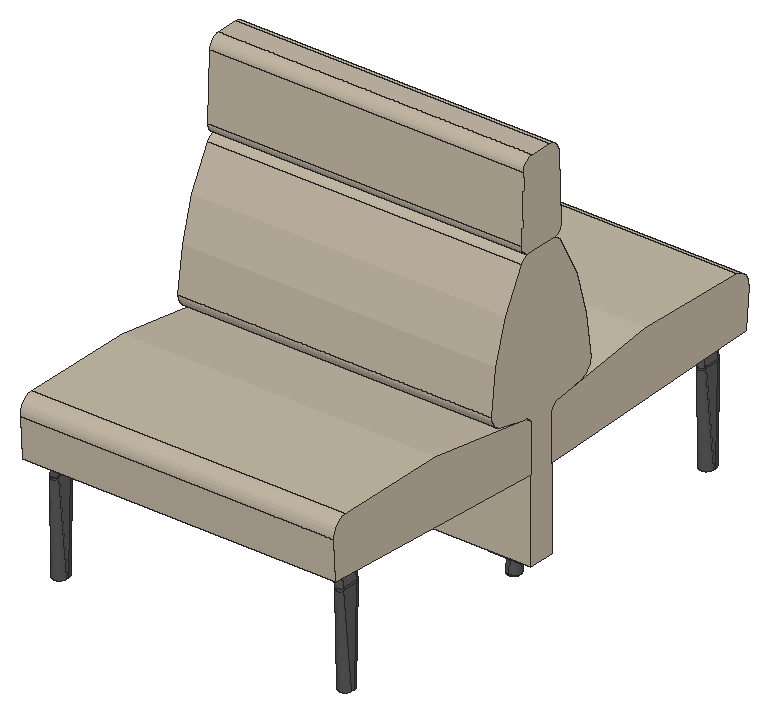
Revit family "FU_Modular_Sandler_Ambit 1047", category Furniture, Revit 2020
Family settings
  OmniClass Number = 23.40.20.00
  OmniClass Title = General Furniture and Specialties
  Work Plane-Based = No
  Always vertical = Yes
  Cut with Voids When Loaded = No
  Shared = No
  Room Calculation Point = No
Parameters (values of type "Ambit 1047")
  Width = 800 mm
  URL = "https://www.sandlerseating.com/product/ambit-1047/"
  Seat [instance] = Fabric - Mainline Flax - Upminster MLF20
  Panel Height = 990 mm
  Panel [instance] = Fabric - Mainline Flax - Upminster MLF20
  Model = "Ambit 1047"
  Manufacturer = "Sandler"
  Back Height = 770 mm
  Frame [instance] = Metal - Paint -AL VR - Matt Jet Black
  Description = "Modular seating system. Upholstered seat and back, with feet in cast aluminium."
  Depth = 1320 mm
  Default Elevation = 0 mm
  Back [instance] = Fabric - Mainline Flax - Upminster MLF20
Reference planes
  plane 1 "Center (Front/Back)": y = 0
  plane 2: z = 0
  plane 3 "Center (Left/Right)": x = 0
  plane 4 "Right": x = -400
  plane 5 "Left": x = 400
  plane 6 "Back": y = 660
  plane 7 "Front": y = -660
  plane 8 "Height": z = 770
  plane 9 "Seat height": z = 430
  plane 10 "Panel Height": z = 990
Dimensions and locks
  equal spacing: plane 4 "Right", plane 3 "Center (Left/Right)", plane 5 "Left"
  "Width": plane 4 "Right" to plane 5 "Left"
  equal spacing: plane 6 "Back", plane 1 "Center (Front/Back)", plane 7 "Front"
  "Depth": plane 6 "Back" to plane 7 "Front"
  "Back Height": plane 8 "Height" to level
  plane 9 "Seat height" to level = 430 mm
  "Panel Height": plane 10 "Panel Height" to level
  aligned and locked: level to plane 2
Nested families
  nested 1: "Ambit Seat" at (0, -310, 0), Frame <- "Frame", Seat <- "Seat", type "Ambit Seat"
    with Seat Fabric - Mainline Flax - Upminster MLF20, Frame Metal - Paint -AL VR - Matt Jet Black
  nested 2: "Ambit DoubleBack" at (0, 0, 0), Back <- "Back", Frame <- "Frame", type "Ambit DoubleBack"
    with Frame Metal - Paint -AL VR - Matt Jet Black, Back Fabric - Mainline Flax - Upminster MLF20
  nested 3: "Ambit Seat" at (0, 310, 0), Frame <- "Frame", Seat <- "Seat", type "Ambit Seat"
    with Seat Fabric - Mainline Flax - Upminster MLF20, Frame Metal - Paint -AL VR - Matt Jet Black
  nested 4: "Ambit Double-Panel" at (0, 0, 0), Panel <- "Panel", type "Ambit Double-Panel"
    with Panel Fabric - Mainline Flax - Upminster MLF20
Definition of nested family "Ambit Seat"
  Parameters (values of type "Ambit Seat")
    Width = 800 mm
    URL = ""
    Seat [instance] = none
    Model = ""
    Manufacturer = ""
    Height = 770 mm
    Frame [instance] = none
    Description = "Modular seating system."
    Depth = 700 mm
    Default Elevation = 0 mm
  Reference planes
    plane 1 "Center (Front/Back)": y = 0
    plane 2: z = 0
    plane 3 "Center (Left/Right)": x = 0
    plane 4 "Right": x = -400
    plane 5 "Left": x = 400
    plane 6 "Back": y = 350
    plane 7 "Front": y = -350
    plane 8 "Height": z = 770
    plane 9 "Seat height": z = 430
    plane 10 "FFT C RIGHT": z = 285.404
    plane 11 "FFV  C RIGHT": y = -265.648
  Forms (mm)
    SweptBlend 1, solid, material <- "Frame"
      path origin (0, -265.648, 0) x (0, 0, -1) y (1, 0, 0)
        loop
          line (0, 364.075) -> (-239.72, 364.075)
      profile "Pro_Ambit_FFoot : Pro_Ambit_FFoot" origin (364.075, -265.648, 0) x (-1, 0, 0) y (0, -1, 0)
        loop
          arc (17.452, 3.305) -> (0, 20.142) -> (-17.452, 3.305) r 17.463
          line (-17.452, 3.305) -> (-17.452, -3.305)
          arc (-17.452, -3.305) -> (0, -20.142) -> (17.452, -3.305) r 17.463
          line (17.452, -3.305) -> (17.452, 3.305)
      end profile "Pro_Ambit_FF : Pro_Ambit_FF" origin (364.075, -265.648, 239.72) x (-1, 0, 0) y (0, -1, 0)
        loop
          arc (-10, -20.066) -> (0, -30.066) -> (10, -20.066) r 10
          line (10, -20.066) -> (10, 20.066)
          arc (10, 20.066) -> (0, 30.066) -> (-10, 20.066) r 10
          line (-10, 20.066) -> (-10, -20.066)
    Sweep 2, solid, material <- "Frame"
      path origin (0, -265.648, 0) x (0, 0, -1) y (1, 0, 0)
        loop
          line (-234.72, -364.14) -> (-239.72, -364.14)
          arc (-239.72, -364.14) -> (-272.419, -345.952) -> (-285.404, -310.86) r 53.912
          line (-285.404, -310.86) -> (-285.404, 310.86)
          arc (-285.404, 310.86) -> (-272.419, 345.952) -> (-239.72, 364.14) r 53.912
          line (-239.72, 364.14) -> (-234.72, 364.14)
      profile "Pro_Ambit_FF : Pro_Ambit_FF" origin (0, -265.648, 285.404) x (0, 0, 1) y (0, -1, 0)
        loop
          arc (-10, -20.066) -> (0, -30.066) -> (10, -20.066) r 10
          line (10, -20.066) -> (10, 20.066)
          arc (10, 20.066) -> (0, 30.066) -> (-10, 20.066) r 10
          line (-10, 20.066) -> (-10, -20.066)
    SweptBlend 3, solid, material <- "Frame"
      path origin (0, -265.648, 0) x (0, 0, -1) y (-1, 0, 0)
        loop
          line (0, 364.075) -> (-239.72, 364.075)
      profile "Pro_Ambit_FFoot : Pro_Ambit_FFoot" origin (-364.075, -265.648, 0) x (-1, 0, 0) y (0, -1, 0)
        loop
          line (-17.452, 3.305) -> (-17.452, -3.305)
          arc (-17.452, -3.305) -> (0, -20.142) -> (17.452, -3.305) r 17.463
          line (17.452, -3.305) -> (17.452, 3.305)
          arc (17.452, 3.305) -> (0, 20.142) -> (-17.452, 3.305) r 17.463
      end profile "Pro_Ambit_FF : Pro_Ambit_FF" origin (-364.075, -265.648, 239.72) x (-1, 0, 0) y (0, -1, 0)
        loop
          line (-10, 20.066) -> (-10, -20.066)
          arc (-10, -20.066) -> (0, -30.066) -> (10, -20.066) r 10
          line (10, -20.066) -> (10, 20.066)
          arc (10, 20.066) -> (0, 30.066) -> (-10, 20.066) r 10
    Extrusion 4, solid, material <- "Seat"
      sketch origin (-400, 0, 0) x (0, -1, 0) y (0, 0, 1)
        loop
          line (343.115, 289.761) -> (350.038, 388.028)
          arc (350.038, 388.028) -> (340.698, 416.645) -> (314.05, 430.647) r 40
          arc (314.05, 430.647) -> (24.831, 435.731) -> (-261.468, 394.425) r 1800.168
          arc (-261.468, 394.425) -> (-272.664, 387.398) -> (-277.031, 374.923) r 20
          line (-277.031, 374.923) -> (-277.031, 260.098) -> (343.115, 289.761)
      from -800 to 0
  Dimensions and locks
    equal spacing: plane 4 "Right", plane 3 "Center (Left/Right)", plane 5 "Left"
    "Width": plane 4 "Right" to plane 5 "Left"
    equal spacing: plane 6 "Back", plane 1 "Center (Front/Back)", plane 7 "Front"
    "Depth": plane 6 "Back" to plane 7 "Front"
    "Height": plane 8 "Height" to level
    plane 9 "Seat height" to level = 430 mm
    aligned and locked: level to plane 2
  Automatic sketch dimensions
    SweptBlend 1 sketch curve to level = 0 mm
    SweptBlend 1 sketch curve to plane 10 "FFT C RIGHT" = 45.683 mm
    Sweep 2 sketch curve to plane 10 "FFT C RIGHT" = 0 mm
    Sweep 2 sketch curve to plane 10 "FFT C RIGHT" = 45.683 mm  (x2)
    Sweep 2 sketch curve to plane 10 "FFT C RIGHT" = 53.912 mm  (x2)
    Sweep 2 sketch curve to plane 4 "Right" = 89.14 mm
    Sweep 2 sketch curve to Sweep 2 sketch curve = 5 mm  (x2)
    SweptBlend 3 sketch curve to level = 0 mm
    plane 4 "Right" to SweptBlend 3 sketch curve = 35.925 mm
    plane 10 "FFT C RIGHT" to SweptBlend 3 sketch curve = 45.683 mm
    Extrusion 4 sketch curve to Extrusion 4 sketch curve = 20 mm
    Extrusion 4 sketch curve to plane 11 "FFV  C RIGHT" = 127.741 mm
    plane 7 "Front" to Extrusion 4 sketch curve = 39.864 mm
    plane 7 "Front" to Extrusion 4 sketch curve = 6.885 mm
    Extrusion 4 sketch curve to plane 7 "Front" = 0.038 mm
    Extrusion 4 sketch curve to level = 1360.883 mm
    Extrusion 4 sketch curve to plane 10 "FFT C RIGHT" = 25.306 mm
    plane 10 "FFT C RIGHT" to Extrusion 4 sketch curve = 4.357 mm
    Extrusion 4 sketch curve to plane 9 "Seat height" = 55.077 mm
    Extrusion 4 sketch curve to plane 9 "Seat height" = 41.972 mm
    Extrusion 4 sketch curve to plane 9 "Seat height" = 39.161 mm
    Extrusion 4 sketch curve to Extrusion 4 sketch curve = 0 mm
    plane 5 "Left" to SweptBlend 1 sketch curve = 35.925 mm
    plane 5 "Left" to Sweep 2 sketch curve = 89.14 mm
    Extrusion 4 sketch curve to plane 6 "Back" = 92.969 mm
Definition of nested family "Ambit DoubleBack"
  Parameters (values of type "Ambit DoubleBack")
    Width = 800 mm
    Height = 770 mm
    Frame [instance] = none
    Depth = 320 mm
    Default Elevation = 0 mm
    Back [instance] = none
  Reference planes
    plane 1 "Center (Front/Back)": y = 0
    plane 2: z = 0
    plane 3 "Center (Left/Right)": x = 0
    plane 4 "Right": x = -400
    plane 5 "Left": x = 400
    plane 6 "Back": y = 160
    plane 7 "Front": y = -160
    plane 8 "Height": z = 770
    plane 9 "Seat height": z = 430
  Forms (mm)
    Revolve 1, solid, material <- "Frame"
      sketch origin (330.534, -318.685, 0) x (0, 1, 0) y (0, 0, 1)
        loop
          line (304.423, 40.637) -> (301.57, 2.1)
          arc (301.57, 2.1) -> (301.901, 0.817) -> (302.944, 0) r 2.065
          line (302.944, 0) -> (318.961, 0) -> (318.961, 48.022) -> (299.441, 48.022) -> (299.441, 46.076)
          arc (299.441, 46.076) -> (303.107, 44.432) -> (304.423, 40.637) r 5.065
        axis (318.961, 48.022) -> (318.961, 0)
      angle from 0 to 360
    Extrusion 2, solid, material <- "Frame"
      sketch origin (-0.482, -318.685, 51.603) x (0, -1, 0) y (1, 0, 0)
        loop
          arc (-347.852, 290.046) -> (-347.258, 288.613) -> (-345.824, 288.019) r 2.027
          line (-345.824, 288.019) -> (-291.875, 288.019)
          arc (-291.875, 288.019) -> (-290.444, 288.611) -> (-289.852, 290.042) r 2.023
          line (-289.852, 290.042) -> (-289.852, 372.037)
          arc (-289.852, 372.037) -> (-290.431, 373.436) -> (-291.83, 374.016) r 1.978
          line (-291.83, 374.016) -> (-345.837, 374.016)
          arc (-345.837, 374.016) -> (-347.262, 373.426) -> (-347.852, 372.001) r 2.015
          line (-347.852, 372.001) -> (-347.852, 290.046)
      from -5.528 to 0
    Revolve 3, solid, material <- "Frame"
      sketch origin (-330.534, -318.685, 0) x (0, 1, 0) y (0, 0, -1)
        loop
          arc (304.423, -40.637) -> (303.107, -44.432) -> (299.441, -46.076) r 5.065
          line (299.441, -46.076) -> (299.441, -48.022) -> (318.961, -48.022) -> (318.961, 0) -> (302.944, 0)
          arc (302.944, 0) -> (301.901, -0.817) -> (301.57, -2.1) r 2.065
          line (301.57, -2.1) -> (304.423, -40.637)
        axis (318.961, -48.022) -> (318.961, 0)
      angle from 0 to 360
    Extrusion 4, solid, material <- "Frame"
      sketch origin (0.482, -318.685, 51.603) x (0, -1, 0) y (1, 0, 0)
        loop
          line (-347.852, -290.046) -> (-347.852, -372.001)
          arc (-347.852, -372.001) -> (-347.262, -373.426) -> (-345.837, -374.016) r 2.015
          line (-345.837, -374.016) -> (-291.83, -374.016)
          arc (-291.83, -374.016) -> (-290.431, -373.436) -> (-289.852, -372.037) r 1.978
          line (-289.852, -372.037) -> (-289.852, -290.042)
          arc (-289.852, -290.042) -> (-290.444, -288.611) -> (-291.875, -288.019) r 2.023
          line (-291.875, -288.019) -> (-345.824, -288.019)
          arc (-345.824, -288.019) -> (-347.258, -288.613) -> (-347.852, -290.046) r 2.027
      from -5.528 to 0
    Extrusion 5, solid, material <- "Back"
      sketch origin (0, 0, 0) x (0, 1, 0) y (0, 0, 1)
        loop
          line (-33, 51.603) -> (33, 51.603) -> (33, 376.265)
          arc (33, 376.265) -> (37.75, 387.916) -> (48.518, 394.425) r 20
          arc (48.518, 394.425) -> (88.097, 402.963) -> (127.858, 410.609) r 1800.168
          arc (127.858, 410.609) -> (148.84, 423.03) -> (156.619, 446.139) r 35
          arc (156.619, 446.139) -> (130.105, 606.219) -> (62.425, 753.69) r 611.524
          arc (62.425, 753.69) -> (49.728, 765.652) -> (32.833, 770) r 35
          line (32.833, 770) -> (-32.833, 770)
          arc (-32.833, 770) -> (-49.728, 765.652) -> (-62.425, 753.69) r 35
          arc (-62.425, 753.69) -> (-130.105, 606.219) -> (-156.619, 446.139) r 611.524
          arc (-156.619, 446.139) -> (-148.84, 423.03) -> (-127.858, 410.609) r 35
          arc (-127.858, 410.609) -> (-88.097, 402.963) -> (-48.518, 394.425) r 1800.168
          arc (-48.518, 394.425) -> (-37.75, 387.916) -> (-33, 376.265) r 20
          line (-33, 376.265) -> (-33, 51.603)
      from -400 to 400
  Dimensions and locks
    equal spacing: plane 4 "Right", plane 3 "Center (Left/Right)", plane 5 "Left"
    "Width": plane 4 "Right" to plane 5 "Left"
    equal spacing: plane 6 "Back", plane 1 "Center (Front/Back)", plane 7 "Front"
    "Depth": plane 6 "Back" to plane 7 "Front"
    "Height": plane 8 "Height" to level
    plane 9 "Seat height" to level = 430 mm
    aligned and locked: level to plane 2
  Automatic sketch dimensions
    Revolve 1 sketch curve to level = 0 mm
    level to Revolve 1 sketch curve = 41.011 mm
    Revolve 1 sketch curve to plane 6 "Back" = 179.313 mm
    Revolve 1 sketch curve to Revolve 1 sketch curve = 0.069 mm
    level to Revolve 1 sketch curve = 2.1 mm
    Revolve 1 sketch curve to Revolve 1 sketch curve = 2.198 mm
    Revolve 1 sketch curve to Revolve 1 sketch curve = 1.373 mm
    level to Revolve 1 sketch curve = 1.947 mm
    level to Revolve 1 sketch curve = 40.637 mm
    Revolve 1 sketch curve to Revolve 1 sketch curve = 5.051 mm
    Revolve 1 sketch curve to Revolve 1 sketch curve = 15.332 mm
    Revolve 1 sketch curve to Revolve 1 sketch curve = 7.385 mm
    Revolve 1 sketch curve to Revolve 1 sketch curve = 0 mm
    Revolve 1 sketch curve to level = 4.899 mm
    Revolve 1 sketch curve to Revolve 1 sketch curve = 5 mm
    plane 5 "Left" to Extrusion 2 sketch curve = 110.435 mm
    Extrusion 2 sketch curve to plane 6 "Back" = 130.833 mm
    Extrusion 2 sketch curve to Extrusion 2 sketch curve = 2.015 mm
    Extrusion 2 sketch curve to Extrusion 2 sketch curve = 2.027 mm
    Extrusion 2 sketch curve to Extrusion 2 sketch curve = 53.95 mm
    Extrusion 2 sketch curve to Extrusion 2 sketch curve = 54.007 mm
    Extrusion 2 sketch curve to Extrusion 2 sketch curve = 2.023 mm
    plane 5 "Left" to Extrusion 2 sketch curve = 28.481 mm
    Revolve 3 sketch curve to level = 0 mm
    level to Revolve 3 sketch curve = 41.011 mm
    Revolve 3 sketch curve to plane 6 "Back" = 179.313 mm
    Revolve 3 sketch curve to Revolve 3 sketch curve = 0.069 mm
    level to Revolve 3 sketch curve = 2.1 mm
    Revolve 3 sketch curve to Revolve 3 sketch curve = 2.198 mm
    Revolve 3 sketch curve to Revolve 3 sketch curve = 1.373 mm
    level to Revolve 3 sketch curve = 1.947 mm
    level to Revolve 3 sketch curve = 40.637 mm
    Revolve 3 sketch curve to Revolve 3 sketch curve = 5.051 mm
    Revolve 3 sketch curve to Revolve 3 sketch curve = 15.332 mm
    Revolve 3 sketch curve to Revolve 3 sketch curve = 1.946 mm
    Revolve 3 sketch curve to Revolve 3 sketch curve = 0 mm
    Revolve 3 sketch curve to Revolve 3 sketch curve = 5 mm
    Revolve 3 sketch curve to level = 4.899 mm
    Extrusion 4 sketch curve to plane 4 "Right" = 110.435 mm
    Extrusion 4 sketch curve to plane 6 "Back" = 130.833 mm
    Extrusion 4 sketch curve to Extrusion 4 sketch curve = 2.015 mm
    Extrusion 4 sketch curve to Extrusion 4 sketch curve = 2.027 mm
    Extrusion 4 sketch curve to Extrusion 4 sketch curve = 53.95 mm
    Extrusion 4 sketch curve to Extrusion 4 sketch curve = 54.007 mm
    Extrusion 4 sketch curve to Extrusion 4 sketch curve = 2.023 mm
    Extrusion 4 sketch curve to plane 4 "Right" = 28.481 mm
    Extrusion 5 sketch curve to plane 8 "Height" = 0 mm
    Extrusion 5 sketch curve to plane 7 "Front" = 287.893 mm
    Extrusion 5 sketch curve to plane 9 "Seat height" = 2.863 mm  (x2)
    Extrusion 5 sketch curve to plane 7 "Front" = 294.609 mm
    plane 9 "Seat height" to Extrusion 5 sketch curve = 15.052 mm  (x2)
    plane 7 "Front" to Extrusion 5 sketch curve = 38.364 mm
    plane 1 "Center (Front/Back)" to Extrusion 5 sketch curve = 52.955 mm
    plane 1 "Center (Front/Back)" to Extrusion 5 sketch curve = 33 mm
    plane 1 "Center (Front/Back)" to Extrusion 5 sketch curve = 32.833 mm
    Extrusion 5 sketch curve to plane 1 "Center (Front/Back)" = 32.833 mm
    Extrusion 5 sketch curve to plane 1 "Center (Front/Back)" = 33 mm
    Extrusion 5 sketch curve to Extrusion 5 sketch curve = 19.955 mm
    Extrusion 5 sketch curve to plane 6 "Back" = 38.364 mm
    plane 6 "Back" to Extrusion 5 sketch curve = 294.609 mm
    plane 6 "Back" to Extrusion 5 sketch curve = 287.893 mm
    Extrusion 5 sketch curve to plane 9 "Seat height" = 53.735 mm  (x2)
    Extrusion 5 sketch curve to Extrusion 5 sketch curve = 1.342 mm  (x2)
    level to Extrusion 5 sketch curve = 51.603 mm
    Extrusion 5 sketch curve to level = 1360.883 mm
    Extrusion 5 sketch curve to Extrusion 5 sketch curve = 0 mm  (x6)
    Extrusion 5 sketch curve to Extrusion 5 sketch curve = 35 mm  (x2)
    plane 7 "Front" to Extrusion 5 sketch curve = 3.381 mm
Definition of nested family "Ambit Double-Panel"
  Parameters (values of type "Ambit Double-Panel")
    Width = 800 mm
    URL = ""
    Panel [instance] = none
    Overall Height = 990 mm
    Model = ""
    Manufacturer = ""
    Back Height = 770 mm
    Description = "Modular seating system."
    Depth = 700 mm
    Default Elevation = 0 mm
  Reference planes
    plane 1 "Center (Front/Back)": y = 0
    plane 2: z = 0
    plane 3 "Center (Left/Right)": x = 0
    plane 4 "Right": x = -400
    plane 5 "Left": x = 400
    plane 6 "Back": y = 350
    plane 7 "Front": y = -350
    plane 8 "Back Height": z = 770
    plane 9 "Seat height": z = 430
    plane 10 "Panel Height": z = 990
  Forms (mm)
    Extrusion 1, solid, material <- "Panel"
      sketch origin (400, -318.284, 0) x (0, -1, 0) y (0, 0, 1)
        loop
          arc (-256.086, 794.464) -> (-258.115, 877.998) -> (-261.552, 961.487) r 4957.368
          arc (-261.552, 961.487) -> (-270.834, 981.732) -> (-291.515, 990) r 30
          line (-291.515, 990) -> (-345.053, 990)
          arc (-345.053, 990) -> (-365.734, 981.732) -> (-375.016, 961.487) r 30
          arc (-375.016, 961.487) -> (-378.453, 877.998) -> (-380.483, 794.464) r 4957.368
          arc (-380.483, 794.464) -> (-373.567, 777.189) -> (-356.404, 770) r 24.082
          line (-356.404, 770) -> (-280.164, 770)
          arc (-280.164, 770) -> (-263.001, 777.189) -> (-256.086, 794.464) r 24.082
      from 0 to 800
  Dimensions and locks
    equal spacing: plane 4 "Right", plane 3 "Center (Left/Right)", plane 5 "Left"
    "Width": plane 4 "Right" to plane 5 "Left"
    equal spacing: plane 6 "Back", plane 1 "Center (Front/Back)", plane 7 "Front"
    "Depth": plane 6 "Back" to plane 7 "Front"
    "Back Height": plane 8 "Back Height" to level
    plane 9 "Seat height" to level = 430 mm
    "Overall Height": plane 10 "Panel Height" to level
    aligned and locked: level to plane 2
  Automatic sketch dimensions
    Extrusion 1 sketch curve to plane 8 "Back Height" = 0 mm
    Extrusion 1 sketch curve to plane 10 "Panel Height" = 0 mm
    Extrusion 1 sketch curve to plane 8 "Back Height" = 54.159 mm  (x2)
    plane 6 "Back" to Extrusion 1 sketch curve = 4544.546 mm
    Extrusion 1 sketch curve to plane 1 "Center (Front/Back)" = 38.12 mm
    Extrusion 1 sketch curve to plane 1 "Center (Front/Back)" = 26.769 mm
    plane 1 "Center (Front/Back)" to Extrusion 1 sketch curve = 26.769 mm
    plane 1 "Center (Front/Back)" to Extrusion 1 sketch curve = 38.12 mm
    Extrusion 1 sketch curve to plane 7 "Front" = 4544.546 mm
    plane 8 "Back Height" to Extrusion 1 sketch curve = 24.082 mm  (x2)
    Extrusion 1 sketch curve to Extrusion 1 sketch curve = 30 mm  (x2)
    Extrusion 1 sketch curve to Extrusion 1 sketch curve = 0 mm  (x2)
